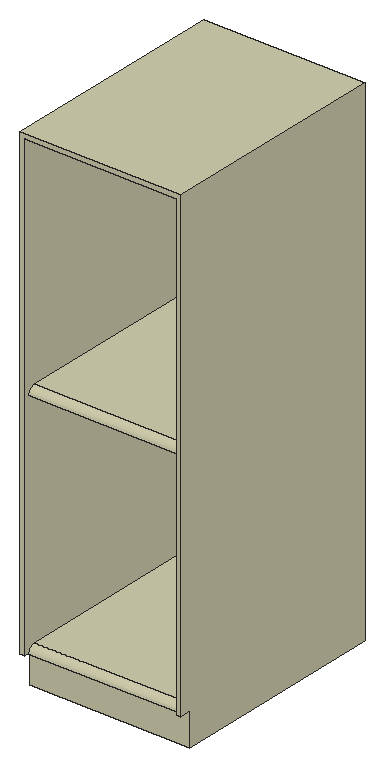
Revit family "Wenger Cabinet 14", category Furniture, Revit 2011
Parameters (values of type "Standard Cabinet #14")
  URL = "http://www.wengercorp.com/Home/Contact.html"
  Toekick Material [instance] = none
  RH End Panel [instance] = no
  Model = "14"
  Manufacturer = "Wenger Corporation"
  LH End Panel [instance] = no
  End Panel Material [instance] = none
  Edge Banding Material [instance] = none
  Door Material [instance] = none
  Description = "Standard Cabinet #14"
  Cabinet Width = 27 1/2"
  Cabinet Label = Labels : Standard
  Cabinet Height = 85 5/8"
  Cabinet Depth = 39 1/4"
  Cabinet Back Thickness = 3/4"
  Assembly Code = ""
Types (4): name | Model | Description | Cabinet Width | Cabinet Label | Cabinet Depth | Cabinet Back Thickness
  Standard Cabinet #14 | "14" | "Standard Cabinet #14" | 27 1/2" | Labels : Standard | 39 1/4" | 3/4"
  Acoustic Cabinet #14 | "14A" | "Acoustic Cabinet #14" | 27 1/2" | Labels : Acoustic | 41 3/4" | 3 1/4"
  Narrow Acoustic Cabinet #14 | "14NA" | "Narrow Acoustic Cabinet #14" | 21 1/2" | Labels : Narrow Acoustic | 41 3/4" | 3 1/4"
  Narrow Cabinet #14 | "14N" | "Narrow Cabinet #14" | 21 1/2" | Labels : Narrow | 39 1/4" | 3/4"
Reference planes (in)
  plane 1 "Front": y = 0
  plane 2: z = 0
  plane 3 "Left": x = 0
  plane 4 "Right": x = 27.5
  plane 5 "Back": y = 39.25
  plane 6 "Top": z = 85.625
  plane 7: z = 5.625
  plane 8: z = 45.25
  plane 9: x = 0.75
  plane 10: x = 26.75
  plane 11: z = 84.875
  plane 12: y = 38.5
  plane 13: y = 2
  plane 14: y = 0.75
  plane 15: z = 46.375
  plane 16: z = 6.75
Forms (in)
  Extrusion 1, solid, material "Wenger - Oyster"
    sketch origin (0, 0, 0) x (0, 1, 0) y (0, 0, 1)
      loop
        line (0, 85.625) -> (0, 5.625) -> (2, 5.625) -> (2, 0) -> (39.25, 0) -> (39.25, 85.625) -> (0, 85.625)
    from 0 to 27.5
  Extrusion 2, void
    sketch origin (0, 0, 0) x (0, 1, 0) y (0, 0, 1)
      loop
        line (-5.5, 84.875) -> (-5.5, 5.625) -> (0.75, 5.625)
        arc (0.75, 5.625) -> (1.18296, 6.40088) -> (2, 6.75) r 1.375
        line (2, 6.75) -> (38.5, 6.75) -> (38.5, 45.25) -> (0.75, 45.25)
        arc (0.75, 45.25) -> (1.18296, 46.02588) -> (2, 46.375) r 1.375
        line (2, 46.375) -> (38.5, 46.375) -> (38.5, 84.875) -> (-5.5, 84.875)
    from 0.75 to 26.75
Cuts and joins
  Extrusion 2 cuts Extrusion 1
Lines and regions (in)
  symbolic lines
    curve 1: line (0, 39.25, 0) -> (27.5, 39.25, 0)
    curve 2: line (0, 0, 0) -> (0, 39.25, 0)
    curve 3: line (27.5, 0, 0) -> (0, 0, 0)
    curve 4: line (27.5, 39.25, 0) -> (27.5, 0, 0)
Dimensions and locks (in)
  locked: plane 3 "Left" to plane 9 at 0.75
  locked: plane 10 to plane 4 "Right" at 0.75
  "Cabinet Back Thickness": plane 5 "Back" to plane 12
  locked: plane 1 "Front" to plane 14 at 0.75
  locked: plane 1 "Front" to plane 13 at 2
  locked: plane 15 to plane 8 at 1.125
  locked: plane 6 "Top" to plane 11 at 0.75
  equal spacing: plane 11, plane 8, plane 7
  locked: plane 16 to plane 7 at 1.125
  plane 10 to plane 3 "Left" = 26 3/4"
  "Cabinet Width": plane 3 "Left" to plane 4 "Right"
  locked: plane 7 to level at 5.625
  "Cabinet Height": plane 6 "Top" to level
  "Cabinet Depth": plane 1 "Front" to plane 5 "Back"
  plane 9 to plane 10 = 26"
  plane 11 to plane 7 = 79 1/4"
  aligned and locked: Extrusion 1 sketch curve to plane 6 "Top"
  aligned and locked: Extrusion 1 sketch curve to plane 5 "Back"
  aligned and locked: Extrusion 1 sketch curve to plane 1 "Front"
  aligned and locked: Extrusion 1 sketch curve to plane 7
  aligned and locked: Extrusion 1 sketch curve to plane 13
  aligned and locked: Extrusion 1 sketch curve to level
  aligned and locked: Extrusion 1 to plane 4 "Right"
  aligned and locked: Extrusion 1 to plane 3 "Left"
  aligned and locked: Extrusion 2 sketch curve to plane 11
  aligned and locked: Extrusion 2 sketch curve to plane 15
  aligned and locked: Extrusion 2 sketch curve to plane 8
  aligned and locked: Extrusion 2 sketch curve to plane 16
  aligned and locked: Extrusion 2 to plane 9
  aligned and locked: plane 3 "Left" to curve 2
  aligned and locked: curve 1 to plane 5 "Back"
  aligned and locked: plane 4 "Right" to curve 4
  aligned and locked: curve 3 to plane 1 "Front"
  aligned and locked: Extrusion 2 to plane 10
Automatic sketch dimensions
  Extrusion 2 sketch curve to plane 7 = 0"
  Extrusion 2 sketch curve to plane 14 = 0"  (x2)
  Extrusion 2 sketch curve to plane 13 = 0"  (x2)
  Extrusion 2 sketch curve to plane 12 = 0"  (x2)
  plane 1 "Front" to Extrusion 2 sketch curve = 5 1/2"
  Extrusion 2 sketch curve to plane 13 = 0.10279"  (x2)
Nested families (in)
  nested 1: "LH End Panel" at (0, 24.25, 0) x (0, -1, 0) z (0, 0, 1), End Panel Material <- "End Panel Material", visible <- "LH End Panel", Edge Banding Material <- "Edge Banding Material", type "20x84 LH"
    with End Panel Material none, Edge Banding Material none, End Panel Depth 39 1/4"
  nested 2: "RH End Panel" at (28.25, 24.25, 0) x (0, -1, 0) z (0, 0, 1), End Panel Material <- "End Panel Material", visible <- "RH End Panel", Edge Banding Material <- "Edge Banding Material", type "20x84 RH"
    with End Panel Material none, Edge Banding Material none, End Panel Depth 39 1/4"
  nested 3: "Labels" at (10.91166, 19.77973, 0), type <- "Cabinet Label", type "Standard"
  nested 4: "Front Note" at (11.71001, 0.75, 0), type "Front Note", detail levels medium+fine
Definition of nested family "LH End Panel"
  Parameters (values of type "20x84 LH")
    End Panel Material [instance] = none
    End Panel Height = 85 5/8"
    End Panel Depth = 19 1/4"
    Edge Banding Material [instance] = none
    Default Elevation = 48"
    Assembly Code = ""
  Reference planes (in)
    plane 1 "Center (Front/Back)": y = 0
    plane 2: z = 0
    plane 3 "Center (Left/Right)": x = 0
    plane 4: x = -15
    plane 5: x = 4.25
    plane 6: z = 5.625
    plane 7: x = 2.25
    plane 8: z = 85.625
    plane 9: y = -0.75
  Forms (in)
    Extrusion 1, solid, material <- "End Panel Material"
      sketch origin (0, 0, 0) x (1, 0, 0) y (0, 0, 1)
        loop
          line (-15, 85.625) -> (-15, 0) -> (2.25, 0) -> (2.25, 5.625) -> (4.25, 5.625) -> (4.25, 85.625) -> (-15, 85.625)
      from 0 to 0.75
  Dimensions and locks (in)
    locked: plane 7 to plane 5 at 2
    locked: plane 6 to level at 5.625
    "End Panel Height": plane 8 to level
    "End Panel Depth": plane 5 to plane 4
    locked: plane 9 to plane 1 "Center (Front/Back)" at 0.75
    aligned and locked: plane 4 to Extrusion 1 sketch curve
    aligned and locked: level to Extrusion 1 sketch curve
    aligned and locked: plane 7 to Extrusion 1 sketch curve
    aligned and locked: plane 6 to Extrusion 1 sketch curve
    aligned and locked: Extrusion 1 sketch curve to plane 5
    aligned and locked: Extrusion 1 sketch curve to plane 8
    aligned and locked: Extrusion 1 to plane 9
    aligned and locked: Extrusion 1 to plane 1 "Center (Front/Back)"
Definition of nested family "RH End Panel"
  Parameters (values of type "20x84 RH")
    End Panel Material [instance] = none
    End Panel Height = 85 5/8"
    End Panel Depth = 19 1/4"
    Edge Banding Material [instance] = none
    Default Elevation = 48"
    Assembly Code = ""
  Reference planes (in)
    plane 1 "Center (Front/Back)": y = 0
    plane 2: z = 0
    plane 3 "Center (Left/Right)": x = 0
    plane 4: x = -15
    plane 5: x = 4.25
    plane 6: z = 5.625
    plane 7: x = 2.25
    plane 8: z = 85.625
    plane 9: y = -0.75
  Forms (in)
    Extrusion 1, solid, material <- "End Panel Material"
      sketch origin (0, 0, 0) x (1, 0, 0) y (0, 0, 1)
        loop
          line (-15, 85.625) -> (-15, 0) -> (2.25, 0) -> (2.25, 5.625) -> (4.25, 5.625) -> (4.25, 85.625) -> (-15, 85.625)
      from 0 to 0.75
  Dimensions and locks (in)
    locked: plane 7 to plane 5 at 2
    locked: plane 6 to level at 5.625
    "End Panel Height": plane 8 to level
    "End Panel Depth": plane 5 to plane 4
    locked: plane 9 to plane 1 "Center (Front/Back)" at 0.75
    aligned and locked: plane 4 to Extrusion 1 sketch curve
    aligned and locked: level to Extrusion 1 sketch curve
    aligned and locked: plane 7 to Extrusion 1 sketch curve
    aligned and locked: plane 6 to Extrusion 1 sketch curve
    aligned and locked: Extrusion 1 sketch curve to plane 5
    aligned and locked: Extrusion 1 sketch curve to plane 8
    aligned and locked: Extrusion 1 to plane 9
    aligned and locked: Extrusion 1 to plane 1 "Center (Front/Back)"
Definition of nested family "Labels"
  Parameters (values of type "Standard")
    Cabinet Label = "01"
  Types (4): name | Cabinet Label
    Standard | "01"
    Narrow | "01N"
    Narrow Acoustic | "01NA"
    Acoustic | "01A"
  Reference planes (in)
    plane 1: y = 0
    plane 2: x = 0
  Text (in)
    label "xxxx" at (-0.00018, 0.00754, 0), shows "Cabinet Label"
Definition of nested family "Front Note"
  Parameters (values of type "Front Note")
    Cabinet Label = "Front"
  Reference planes (in)
    plane 1: y = 0
    plane 2: x = 0
  Text (in)
    label "Front" at (-0.00018, 0.00754, 0), shows "Cabinet Label"
